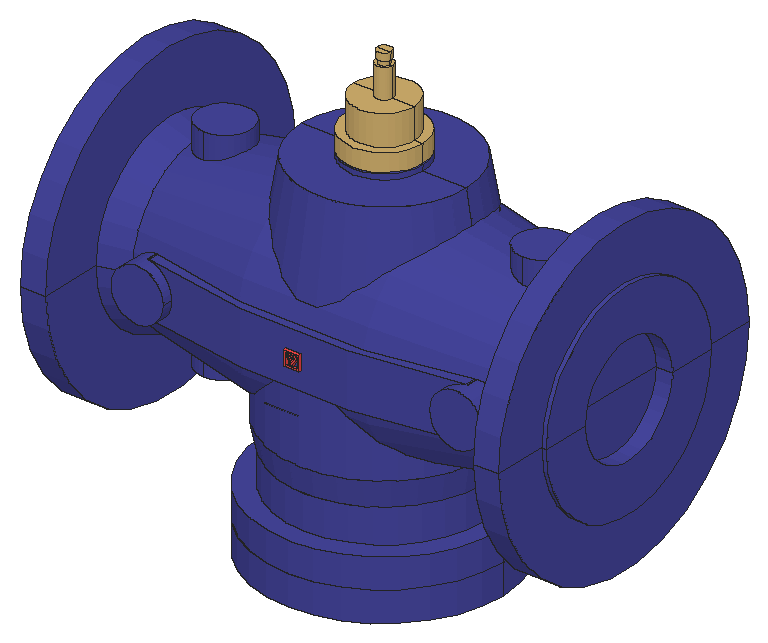
Revit family "Two port control valves 4035_PN25", category Rohrzubehör, Revit 2021
Family settings
  Bemaßung runder Anschluss = Durchmesser verwenden
  Teiletyp = Unterbricht
  OmniClass-Nummer = 23.65.55.14
  OmniClass-Titel = Valves for Liquid Services
  Arbeitsebenenbasiert = Nein
  Immer vertikal = Ja
  Beim Laden mit Abzugskörper schneiden = Nein
  Gemeinsam genutzt = Nein
Parameters (values of type "kvs63")
  kvs63 = yes
  kvs6.3 = no
  kvs40 = no
  kvs4 = no
  kvs330 = no
  kvs250 = no
  kvs25 = no
  kvs2.5 = no
  kvs160 = no
  kvs16 = no
  kvs100 = no
  kvs10 = no
  kvs1.6 = no
  kvs1 = no
  Weight [instance] = size_lookup("4035_PN25", "Gewicht", 25, Nennweite)  # 25
  Vorgabe-Ansicht = 0 mm
  Valve seat material = "WN1.4021"  # constant formula
  Valve cone material (up to DN50) = "WN1.4021"  # constant formula
  Valve cone material (from DN65 to DN150) = "EN-GJL-250/WN1.4021"  # constant formula
  Valve curve characteristic = "equal percentage"  # constant formula
  URL = "www.herzvalves.com"
  Stem material = "WN1.4404"  # constant formula
  SCTWSEQ = "FW;SBT_TYP_FW=\"101\";2"
  SCTWCODE = "04;05;02"  # constant formula
  SCRNSEQ = "ARM;ARM_TYP=\"DURR\";2"
  SCRNCODE = "05;06;02"  # constant formula
  R14 = 4 mm  # constant formula
  R13 = 3 mm  # constant formula
  R12 = 5 mm  # constant formula
  R11 [instance] = size_lookup("4035_PN25", "R11", 18 mm, Nennweite)  # 18 mm
  R10 [instance] = size_lookup("4035_PN25", "R10", 23 mm, Nennweite)  # 23 mm
  R09 [instance] = size_lookup("4035_PN25", "R9", 49 mm, Nennweite)  # 49 mm
  R08 [instance] = R00 + 3 mm  # 68 mm
  R07 [instance] = size_lookup("4035_PN25", "R7", 15.5 mm, Nennweite)  # 15.5 mm
  R06 [instance] = size_lookup("4035_PN25", "R6", 15.5 mm, Nennweite)  # 15.5 mm
  R05 [instance] = size_lookup("4035_PN25", "R5", 62.5 mm, Nennweite)  # 62.5 mm
  R04 [instance] = size_lookup("4035_PN25", "R4", 59.5 mm, Nennweite)  # 59.5 mm
  R03 [instance] = size_lookup("4035_PN25", "R3", 43 mm, Nennweite)  # 71 mm
  R02 [instance] = size_lookup("4035_PN25", "R2", 43 mm, Nennweite)  # 43 mm
  R01 [instance] = size_lookup("4035_PN25", "R1", 55.5 mm, Nennweite)  # 55.5 mm
  R00 [instance] = size_lookup("4035_PN25", "R", 65 mm, Nennweite)  # 65 mm
  Part number [instance] = if(and(kvs1, Nennweite = 15 mm), 403540, if(and(kvs1.6, Nennweite = 15 mm), 403551, if(and(kvs2.5, Nennweite = 15 mm), 403561, if(and(kvs4, Nennweite = 15 mm), 403571, if(and(kvs6.3, Nennweite = 25 mm), 403543, if(and(kvs10, Nennweite = 25 mm), 403553, if(and(kvs16, Nennweite = 32 mm), 403544, if(and(kvs25, Nennweite = 40 mm), 403545, if(and(kvs40, Nennweite = 50 mm), 403556, if(and(kvs63, Nennweite = 65 mm), 403547, if(and(kvs100, Nennweite = 80 mm), 403548, if(and(kvs160, Nennweite = 100 mm), 403549, if(and(kvs250, Nennweite = 125 mm), 403550, if(and(kvs330, Nennweite = 150 mm), 403542, 0))))))))))))))  # 403547
  PN = 25  # constant formula
  Nennweite [instance] = 65 mm
  min. Operating temperature = 5 °C  # constant formula
  max. Operating temperature = 150 °C  # constant formula
  max. Operating pressure = 2500000.0 Pa  # constant formula
  Medium = "water purity in accordance with the ÖNORM H 5195 and VDI 2035 standards"
  LO1 [instance] = size_lookup("4035_PN25", "LO1", 28.5 mm, Nennweite)  # 68 mm
  L07 [instance] = L06 - R06  # 94.5 mm
  L06 [instance] = size_lookup("4035_PN25", "L6", 110 mm, Nennweite)  # 110 mm
  L05 [instance] = D00  # 92.5 mm
  L03 = 10 mm  # constant formula
  L02 [instance] = size_lookup("4035_PN25", "L2", 15 mm, Nennweite)  # 15 mm
  L01 = 3 mm  # constant formula
  L00 [instance] = size_lookup("4035_PN25", "L", 145 mm, Nennweite)  # 145 mm
  Hersteller = "Herz-Armaturen GmbH"  # constant formula
  H18 [instance] = 17.5 mm  # constant formula
  H15 = 4 mm  # constant formula
  H14 [instance] = size_lookup("4035_PN25", "H14", 17 mm, Nennweite)  # 17 mm
  H13 [instance] = size_lookup("4035_PN25", "H13", 18 mm, Nennweite)  # 18 mm
  H12 [instance] = size_lookup("4035_PN25", "H12", 10.5 mm, Nennweite)  # 10.5 mm
  H11 [instance] = size_lookup("4035_PN25", "H11", 52.5 mm, Nennweite)  # 52.5 mm
  H10 [instance] = size_lookup("4035_PN25", "H10", 135.4 mm, Nennweite)  # 135.4 mm
  H09 = 3 mm  # constant formula
  H08 [instance] = size_lookup("4035_PN25", "H8", 79 mm, Nennweite)  # 79 mm
  H07 [instance] = R00  # 65 mm
  H06 [instance] = size_lookup("4035_PN25", "H6", 59 mm, Nennweite)  # 59 mm
  H05 [instance] = size_lookup("4035_PN25", "H5", 20 mm, Nennweite)  # 20 mm
  H04 [instance] = size_lookup("4035_PN25", "H4", 17 mm, Nennweite)  # 17 mm
  H02 [instance] = size_lookup("4035_PN25", "H2", 38 mm, Nennweite)  # 38 mm
  H03 [instance] = size_lookup("4035_PN25", "H3", 112 mm, Nennweite)  # 112 mm
  H01 [instance] = size_lookup("4035_PN25", "H1", 14 mm, Nennweite)  # 18 mm
  Valve body material = "EN-GJS-400-18-LT (EN 1563)"  # constant formula
  Sealing element material = "70EPDM"  # constant formula
  DN80 [instance] = Nennweite = 80 mm  # no
  DN65 [instance] = Nennweite = 65 mm  # yes
  DN50 [instance] = Nennweite = 50 mm  # no
  DN40 [instance] = Nennweite = 40 mm  # no
  DN32 [instance] = Nennweite = 32 mm  # no
  DN25 [instance] = Nennweite = 25 mm  # no
  DN150 [instance] = Nennweite = 150 mm  # no
  DN15 [instance] = Nennweite = 15 mm  # no
  DN125 [instance] = Nennweite = 125 mm  # no
  DN100 [instance] = Nennweite = 100 mm  # no
  D02 [instance] = Nennweite / 2  # 32.5 mm
  D01 [instance] = size_lookup("4035_PN25", "D1", 61 mm, Nennweite)  # 61 mm
  D00 [instance] = size_lookup("4035_PN25", "D", 92.5 mm, Nennweite)  # 92.5 mm
  Description = "the two port flanged valve is primarily designed to control the flow of circulation water in district heating and HVAC systems, as well as for remote closing of heating pipelines.\r\ncirculation medium should be cold, warm and hot water in temperature range from 5°C to 150°C.\r\nthe valve can be utilized in almost all heating, ventilation and air-conditioning systems and in industrial and technological processes.\r\nthe valve curve is equal percentage.\r\nregulation ratio (ratio between nominal and minimal flow coefficient) is 30:1.\r\nthe selection of the two port flanged valve is according to the diagram of kvs values.\r\n\r\nfor PN25, DN15-65 and DN125-150: valve is closed when the stem is out. valve is open when the stem is depressed.\r\nfor PN25, DN80-100: valve is open when the stem is out. valve is closed when the stem is depressed."
  Type of connection = "EN 1092-2"  # constant formula
Types (15, lengths in mm): name | kvs63 | kvs6.3 | kvs40 | kvs4 | kvs330 | kvs250 | kvs25 | kvs2.5 | kvs160 | kvs16 | kvs100 | kvs10 | kvs1.6 | kvs1 | Weight | R11 | R10 | R09 | R08 | R07 | R06 | R05 | R04 | R03 | R02 | R01 | R00 | Part number | Nennweite | LO1 | L07 | L06 | L05 | L02 | L00 | H14 | H13 | H12 | H11 | H10 | H08 | H07 | H06 | H05 | H04 | H02 | H03 | H01 | DN80 | DN65 | DN50 | DN40 | DN32 | DN25 | DN150 | DN15 | DN125 | DN100 | D02 | D01 | D00
  (no name) | yes | no | no | no | no | no | no | no | no | no | no | no | no | no | 25 | 18 | 23 | 49 | 68 | 15.5 | 15.5 | 62.5 | 59.5 | 71 | 43 | 55.5 | 65 | 403547 | 65 | 68 | 94.5 | 110 | 92.5 | 15 | 145 | 17 | 18 | 10.5 | 52.5 | 135.4 | 79 | 65 | 59 | 20 | 17 | 38 | 112 | 18 | no | yes | no | no | no | no | no | no | no | no | 32.5 | 61 | 92.5
  kvs1 | no | no | no | no | no | no | no | no | no | no | no | no | no | yes | 5 | 10 | 15 | 19.5 | 29.5 | 6 | 6 | 24 | 21 | 32.5 | 14 | 17 | 26.5 | 403540 | 15 | 27.5 | 34 | 40 | 47.5 | 11 | 65 | 13 | 14 | 6.8 | 40.8 | 80.3 | 36.5 | 26.5 | 24.5 | 5 | 13 | 11 | 49 | 14 | no | no | no | no | no | no | no | yes | no | no | 7.5 | 22.5 | 47.5
  kvs1.6 | no | no | no | no | no | no | no | no | no | no | no | no | yes | no | 5 | 10 | 15 | 19.5 | 29.5 | 6 | 6 | 24 | 21 | 32.5 | 14 | 17 | 26.5 | 403551 | 15 | 27.5 | 34 | 40 | 47.5 | 11 | 65 | 13 | 14 | 6.8 | 40.8 | 80.3 | 36.5 | 26.5 | 24.5 | 5 | 13 | 11 | 49 | 14 | no | no | no | no | no | no | no | yes | no | no | 7.5 | 22.5 | 47.5
  kvs2.5 | no | no | no | no | no | no | no | yes | no | no | no | no | no | no | 5 | 10 | 15 | 19.5 | 29.5 | 6 | 6 | 24 | 21 | 32.5 | 14 | 17 | 26.5 | 403561 | 15 | 27.5 | 34 | 40 | 47.5 | 11 | 65 | 13 | 14 | 6.8 | 40.8 | 80.3 | 36.5 | 26.5 | 24.5 | 5 | 13 | 11 | 49 | 14 | no | no | no | no | no | no | no | yes | no | no | 7.5 | 22.5 | 47.5
  kvs4 | no | no | no | yes | no | no | no | no | no | no | no | no | no | no | 5 | 10 | 15 | 19.5 | 29.5 | 6 | 6 | 24 | 21 | 32.5 | 14 | 17 | 26.5 | 403571 | 15 | 27.5 | 34 | 40 | 47.5 | 11 | 65 | 13 | 14 | 6.8 | 40.8 | 80.3 | 36.5 | 26.5 | 24.5 | 5 | 13 | 11 | 49 | 14 | no | no | no | no | no | no | no | yes | no | no | 7.5 | 22.5 | 47.5
  kvs6.3 | no | yes | no | no | no | no | no | no | no | no | no | no | no | no | 8 | 10 | 15 | 19.5 | 41 | 7 | 7 | 35.5 | 32.5 | 44 | 19.5 | 28.5 | 38 | 403543 | 25 | 40 | 45 | 52 | 57.5 | 13 | 80 | 13 | 14 | 6.8 | 40.8 | 88.3 | 44.5 | 38 | 35 | 5 | 15 | 3 | 64 | 16 | no | no | no | no | no | yes | no | no | no | no | 12.5 | 34 | 57.5
  kvs10 | no | no | no | no | no | no | no | no | no | no | no | yes | no | no | 8 | 10 | 15 | 19.5 | 41 | 7 | 7 | 35.5 | 32.5 | 44 | 19.5 | 28.5 | 38 | 403553 | 25 | 40 | 45 | 52 | 57.5 | 13 | 80 | 13 | 14 | 6.8 | 40.8 | 88.3 | 44.5 | 38 | 35 | 5 | 15 | 3 | 64 | 16 | no | no | no | no | no | yes | no | no | no | no | 12.5 | 34 | 57.5
  kvs16 | no | no | no | no | no | no | no | no | no | yes | no | no | no | no | 11.5 | 10 | 15 | 20.5 | 46 | 9 | 9 | 40.5 | 37.5 | 49 | 24.5 | 33.5 | 43 | 403544 | 32 | 45 | 51 | 60 | 70 | 13 | 90 | 17 | 18 | 10.5 | 52.5 | 102 | 46.5 | 43 | 39 | 15 | 15 | 4 | 84 | 16 | no | no | no | no | yes | no | no | no | no | no | 16 | 39 | 70
  kvs25 | no | no | no | no | no | no | yes | no | no | no | no | no | no | no | 13 | 10 | 15 | 20.5 | 51 | 12 | 12 | 45.5 | 42.5 | 54 | 29 | 38.5 | 48 | 403545 | 40 | 50 | 56 | 68 | 75 | 13 | 100 | 17 | 18 | 10.5 | 52.5 | 112 | 56.5 | 48 | 43 | 20 | 15 | 1 | 94 | 16 | no | no | no | yes | no | no | no | no | no | no | 20 | 44 | 75
  kvs63 | yes | no | no | no | no | no | no | no | no | no | no | no | no | no | 25 | 18 | 23 | 49 | 68 | 15.5 | 15.5 | 62.5 | 59.5 | 71 | 43 | 55.5 | 65 | 403547 | 65 | 68 | 94.5 | 110 | 92.5 | 15 | 145 | 17 | 18 | 10.5 | 52.5 | 135.4 | 79 | 65 | 59 | 20 | 17 | 38 | 112 | 18 | no | yes | no | no | no | no | no | no | no | no | 32.5 | 61 | 92.5
  kvs100 | no | no | no | no | no | no | no | no | no | no | yes | no | no | no | 31 | 18 | 23 | 49 | 76 | 15.5 | 15.5 | 70.5 | 67.5 | 79 | 51 | 63.5 | 73 | 403548 | 80 | 77 | 99.5 | 115 | 100 | 17 | 155 | 17 | 18 | 10.5 | 52.5 | 168.5 | 113 | 73 | 65 | 20 | 19 | 46 | 125 | 20 | yes | no | no | no | no | no | no | no | no | no | 40 | 69 | 100
  kvs160 | no | no | no | no | no | no | no | no | yes | no | no | no | no | no | 46 | 30 | 35 | 61 | 86 | 20.5 | 20.5 | 80.5 | 77.5 | 89 | 61 | 73.5 | 83 | 403549 | 100 | 88 | 112.5 | 133 | 110 | 17 | 175 | 21 | 22 | 14.2 | 64.2 | 189.7 | 122.5 | 83 | 73 | 25 | 19 | 65 | 135 | 20 | no | no | no | no | no | no | no | no | no | yes | 50 | 79 | 110
  kvs250 | no | no | no | no | no | yes | no | no | no | no | no | no | no | no | 72 | 30 | 35 | 61 | 101 | 20.5 | 20.5 | 95.5 | 92.5 | 104 | 76 | 88.5 | 98 | 403550 | 125 | 103 | 134.5 | 155 | 125 | 19 | 200 | 21 | 22 | 14.2 | 64.2 | 231 | 163.5 | 98 | 80 | 30 | 21 | 44 | 158 | 21 | no | no | no | no | no | no | no | no | yes | no | 62.5 | 94 | 125
  kvs330 | no | no | no | no | yes | no | no | no | no | no | no | no | no | no | 91 | 30 | 35 | 61 | 113 | 20.5 | 20.5 | 107.5 | 104.5 | 116 | 88 | 100.5 | 110 | 403542 | 150 | 115 | 174.5 | 195 | 142.5 | 19 | 240 | 21 | 22 | 14.2 | 64.2 | 237.5 | 170 | 110 | 85 | 25 | 21 | 42 | 153 | 21 | no | no | no | no | no | no | yes | no | no | no | 75 | 106 | 142.5
  kvs40 | no | no | yes | no | no | no | no | no | no | no | no | no | no | no | 16 | 18 | 23 | 49 | 56 | 13.5 | 13.5 | 52.5 | 49.5 | 61 | 34 | 45.5 | 53 | 403556 | 50 | 56 | 66.5 | 80 | 82.5 | 15 | 115 | 17 | 18 | 10.5 | 52.5 | 122 | 66.5 | 53 | 43 | 1 | 15 | 42 | 67 | 18 | no | no | yes | no | no | no | no | no | no | no | 25 | 51 | 82.5
Reference planes
  plane 1 "Mitte (Vorne/hinten)": y = 0
  plane 2: z = 0
  plane 3 "Mitte (Links/rechts)": x = 0
Forms (mm)
  Revolve 1, solid, material "kunststoff-BLAU", detail levels fine
    sketch origin (1065, 0, 0) x (1, 0, 0) y (0, 1, 0)
      loop
        line (-1207, 61) -> (-1210, 61) -> (-1210, 32.5) -> (-1200, 32.5) -> (-1200, 0) -> (-930, 0) -> (-930, 32.5) -> (-920, 32.5) -> (-920, 61) -> (-923, 61) -> (-923, 92.5) -> (-938, 92.5) -> (-938, 55.5) -> (-955, 49.943)
        arc (-955, 49.943) -> (-1065, 65) -> (-1175, 49.943) r 409.331
        line (-1175, 49.943) -> (-1192, 55.5) -> (-1192, 92.5) -> (-1207, 92.5) -> (-1207, 61)
      axis (-920, 0) -> (-1210, 0)
    angle from 0 to 360
  Extrusion 2, solid, material "kunststoff-BLAU", detail levels fine
    sketch origin (0, 0, 0) x (-1, 0, 0) y (0, 0, -1)
      loop
        circle (94.5, 0) r 15.5
      loop
        circle (-94.5, 0) r 15.5
    from -65 to 65
  Extrusion 3, solid, material "kunststoff-BLAU", visible <- "DN65", detail levels fine
    sketch origin (0, 0, 0) x (1, 0, 0) y (0, 1, 0)
      loop
        arc (-95, -56.907) -> (0, -68) -> (95, -56.907) r 412.331
        line (95, -56.907) -> (95, 56.907)
        arc (95, 56.907) -> (0, 68) -> (-95, 56.907) r 412.331
        line (-95, 56.907) -> (-95, -56.907)
    from -15.5 to 15.5
  Revolve 4, solid, material "kunststoff-BLAU", detail levels fine
    sketch origin (0, 0, 0) x (1, 0, 0) y (0, 0, 1)
      loop
        line (-49, 79) -> (-62.5, 0) -> (0, 0) -> (0, 82) -> (-23, 82) -> (-23, 79) -> (-49, 79)
      axis (0, 82) -> (0, 0)
    angle from 0 to 360
  Revolve 5, solid, material "kunststoff-BLAU", detail levels fine
    sketch origin (0, 0, 0) x (1, 0, 0) y (0, 0, 1)
      loop
        line (0, 0) -> (-62.5, 0) -> (-62.5, -59) -> (-59.5, -74.5) -> (-59.5, -94.5) -> (-71, -94.5) -> (-71, -112) -> (0, -112) -> (0, 0)
      axis (0, 0) -> (0, -112)
    angle from 0 to 360
  Revolve 6, solid, material "kunststoff-BLAU", detail levels fine
    sketch origin (0, 0, 0) x (1, 0, 0) y (0, 0, 1)
      loop
        line (0, -112) -> (-71, -112) -> (-71, -130) -> (0, -130) -> (0, -112)
      axis (0, -112) -> (0, -130)
    angle from 0 to 360
  Extrusion 7, solid, material "kunststoff-BLAU", detail levels fine
    sketch origin (0, 0, 0) x (0, -1, 0) y (1, 0, 0)
      loop
        circle (0, -94.5) r 15.5
      loop
        circle (0, 94.5) r 15.5
    from -65 to 65
  Extrusion 8, solid, material "kunststoff-BLAU", visible <- "DN150", detail levels fine
    sketch origin (0, 0, 0) x (1, 0, 0) y (0, 1, 0)
      loop
        arc (-179.5, -78.475) -> (0, -115) -> (179.5, -78.475) r 459.331
        line (179.5, -78.475) -> (179.5, 78.475)
        arc (179.5, 78.475) -> (0, 115) -> (-179.5, 78.475) r 459.331
        line (-179.5, 78.475) -> (-179.5, -78.475)
    from -20.5 to 20.5
  Extrusion 9, solid, material "kunststoff-BLAU", visible <- "DN125", detail levels fine
    sketch origin (0, 0, 0) x (1, 0, 0) y (0, 1, 0)
      loop
        arc (-134.5, -82.301) -> (0, -103) -> (134.5, -82.301) r 447.331
        line (134.5, -82.301) -> (134.5, 82.301)
        arc (134.5, 82.301) -> (0, 103) -> (-134.5, 82.301) r 447.331
        line (-134.5, 82.301) -> (-134.5, -82.301)
    from -20.5 to 20.5
  Extrusion 10, solid, material "kunststoff-BLAU", visible <- "DN100", detail levels fine
    sketch origin (0, 0, 0) x (1, 0, 0) y (0, 1, 0)
      loop
        arc (-112.5, -73.106) -> (0, -88) -> (112.5, -73.106) r 432.331
        line (112.5, -73.106) -> (112.5, 73.106)
        arc (112.5, 73.106) -> (0, 88) -> (-112.5, 73.106) r 432.331
        line (-112.5, 73.106) -> (-112.5, -73.106)
    from -20.5 to 20.5
  Extrusion 11, solid, material "kunststoff-BLAU", visible <- "DN80", detail levels fine
    sketch origin (0, 0, 0) x (1, 0, 0) y (0, 1, 0)
      loop
        line (99.5, -65.083) -> (99.5, 65.083)
        arc (99.5, 65.083) -> (0, 77) -> (-99.5, 65.083) r 421.331
        line (-99.5, 65.083) -> (-99.5, -65.083)
        arc (-99.5, -65.083) -> (0, -77) -> (99.5, -65.083) r 421.331
    from -15.5 to 15.5
  Extrusion 12, solid, material "kunststoff-BLAU", visible <- "DN50", detail levels fine
    sketch origin (0, 0, 0) x (1, 0, 0) y (0, 1, 0)
      loop
        arc (-66.5, -50.44) -> (0, -56.006) -> (66.5, -50.44) r 400.05
        line (66.5, -50.44) -> (66.5, 50.44)
        arc (66.5, 50.44) -> (0, 56.006) -> (-66.5, 50.44) r 400.05
        line (-66.5, 50.44) -> (-66.5, -50.44)
    from -13.5 to 13.5
  Extrusion 13, solid, material "kunststoff-BLAU", visible <- "DN40", detail levels fine
    sketch origin (0, 0, 0) x (1, 0, 0) y (0, 1, 0)
      loop
        arc (-56, -46.003) -> (0, -50) -> (56, -46.003) r 394.331
        line (56, -46.003) -> (56, 46.003)
        arc (56, 46.003) -> (0, 50) -> (-56, 46.003) r 394.331
        line (-56, 46.003) -> (-56, -46.003)
    from -12 to 12
  Extrusion 14, solid, material "kunststoff-BLAU", visible <- "DN32", detail levels fine
    sketch origin (0, 0, 0) x (1, 0, 0) y (0, 1, 0)
      loop
        arc (-51, -41.645) -> (0, -45) -> (51, -41.645) r 389.331
        line (51, -41.645) -> (51, 41.645)
        arc (51, 41.645) -> (0, 45) -> (-51, 41.645) r 389.331
        line (-51, 41.645) -> (-51, -41.645)
    from -9 to 9
  Extrusion 15, solid, material "kunststoff-BLAU", visible <- "DN25", detail levels fine
    sketch origin (0, 0, 0) x (1, 0, 0) y (0, 1, 0)
      loop
        line (45, -37.356) -> (45, 37.356)
        arc (45, 37.356) -> (0, 40) -> (-45, 37.356) r 384.331
        line (-45, 37.356) -> (-45, -37.356)
        arc (-45, -37.356) -> (0, -40) -> (45, -37.356) r 384.331
    from -7 to 7
  Extrusion 16, solid, material "kunststoff-BLAU", visible <- "DN15", detail levels fine
    sketch origin (0, 0, 0) x (1, 0, 0) y (0, 1, 0)
      loop
        line (-34, 25.942) -> (-34, -25.942)
        arc (-34, -25.942) -> (0, -27.5) -> (34, -25.942) r 371.831
        line (34, -25.942) -> (34, 25.942)
        arc (34, 25.942) -> (0, 27.5) -> (-34, 25.942) r 371.831
    from -6 to 6
  Revolve 17, solid, material "Messing-poliert", detail levels fine
    sketch origin (0, 0, 0) x (1, 0, 0) y (0, 0, 1)
      loop
        line (-23, 93.4) -> (-23, 82.9) -> (0, 82.9) -> (0, 135.4) -> (-4, 135.4) -> (-4, 131.4) -> (-3, 131.4) -> (-3, 128.4) -> (-5, 128.4) -> (-5, 111.4) -> (-18, 111.4) -> (-18, 93.4) -> (-23, 93.4)
      axis (0, 135.4) -> (0, 82.9)
    angle from 0 to 360
Lines and regions (mm)
  model lines, detail levels coarse+medium
    curve 1: line (145, 92.5, 0) -> (145, -92.5, 0)
    curve 2: line (145, -92.5, 0) -> (-145, 92.5, 0)
    curve 3: line (-145, 92.5, 0) -> (-145, -92.5, 0)
    curve 4: line (-145, -92.5, 0) -> (145, 92.5, 0)
    curve 5: line (145, 0, 92.5) -> (145, 0, -92.5)
    curve 6: line (145, 0, -92.5) -> (-145, 0, 92.5)
    curve 7: line (-145, 0, 92.5) -> (-145, 0, -92.5)
    curve 8: line (-145, 0, -92.5) -> (145, 0, 92.5)
Dimensions and locks
  "L00": Revolve 1 sketch curve to plane 3 "Mitte (Links/rechts)" to Revolve 1 sketch curve
  "D00": plane 1 "Mitte (Vorne/hinten)" to Revolve 1 sketch curve  (x2)
  "D02": plane 1 "Mitte (Vorne/hinten)" to Revolve 1 sketch curve  (x2)
  "L01": Revolve 1 sketch curve to Revolve 1 sketch curve  (x2)
  "L02": Revolve 1 sketch curve to Revolve 1 sketch curve  (x2)
  "D01": plane 1 "Mitte (Vorne/hinten)" to Revolve 1 sketch curve  (x2)
  "R01": plane 1 "Mitte (Vorne/hinten)" to Revolve 1 sketch curve  (x2)
  "R00": Revolve 1 sketch curve to Revolve 1 sketch curve
  "L03": Revolve 1 sketch curve to Revolve 1 sketch curve  (x2)
  "H01": Revolve 6 sketch curve to Revolve 6 sketch curve
  "R03": plane 3 "Mitte (Links/rechts)" to Revolve 6 sketch curve
  "R03": Revolve 5 sketch curve to Revolve 5 sketch curve
  "H03": plane 2 to Revolve 5 sketch curve
  "H06": Revolve 5 sketch curve to Revolve 5 sketch curve
  "R04": Revolve 5 sketch curve to Revolve 5 sketch curve
  "R05": Revolve 5 sketch curve to Revolve 5 sketch curve
  "H05": Revolve 5 sketch curve to Revolve 5 sketch curve
  "L06": Revolve 1 sketch curve to plane 3 "Mitte (Links/rechts)" to Revolve 1 sketch curve
  "H03": plane 2 to Revolve 6 sketch curve
  "R09": Revolve 4 sketch curve to Revolve 4 sketch curve
  "R05": Revolve 4 sketch curve to Revolve 4 sketch curve
  "H07": Extrusion 7 to plane 2 to Extrusion 7  (x2)
  "L07": plane 3 "Mitte (Links/rechts)" to Extrusion 7 sketch curve
  "L07": Extrusion 7 sketch curve to plane 3 "Mitte (Links/rechts)"
  "H07": Extrusion 2 to plane 1 "Mitte (Vorne/hinten)"  (x3)
  "L07": plane 3 "Mitte (Links/rechts)" to Extrusion 2 sketch curve
  "L07": Extrusion 2 sketch curve to plane 3 "Mitte (Links/rechts)"
  "H07": plane 1 "Mitte (Vorne/hinten)" to Extrusion 2
  "H08": Revolve 4 sketch curve to plane 2
  "H09": Revolve 4 sketch curve to Revolve 4 sketch curve
  "R10": plane 3 "Mitte (Links/rechts)" to Revolve 4 sketch curve
  "H11": Revolve 17 sketch curve to Revolve 17 sketch curve
  "H10": Revolve 17 sketch curve to plane 2
  "R10": plane 3 "Mitte (Links/rechts)" to Revolve 17 sketch curve
  "H12": Revolve 17 sketch curve to Revolve 17 sketch curve
  "H13": Revolve 17 sketch curve to Revolve 17 sketch curve
  "H14": Revolve 17 sketch curve to Revolve 17 sketch curve
  "H15": Revolve 17 sketch curve to Revolve 17 sketch curve
  "R14": plane 3 "Mitte (Links/rechts)" to Revolve 17 sketch curve
  "R13": plane 3 "Mitte (Links/rechts)" to Revolve 17 sketch curve
  "R11": plane 3 "Mitte (Links/rechts)" to Revolve 17 sketch curve
  "R12": plane 3 "Mitte (Links/rechts)" to Revolve 17 sketch curve
  "LO1": nested 1 to plane 1 "Mitte (Vorne/hinten)"
  "H18": Revolve 5 sketch curve to Revolve 6
  "L00": curve 3 to plane 3 "Mitte (Links/rechts)" to curve 1
  "D00": curve 4 to plane 1 "Mitte (Vorne/hinten)" to curve 3
  "D00": curve 2 to plane 1 "Mitte (Vorne/hinten)" to curve 4
  "L00": curve 7 to plane 3 "Mitte (Links/rechts)" to curve 5
  "D00": curve 8 to plane 2 to curve 6
  "D00": curve 7 to plane 2 to curve 8
  "R06": radius of Extrusion 7 sketch curve  (x2)
  "R07": radius of Extrusion 2 sketch curve  (x2)
  aligned and locked: level to plane 2
Automatic sketch dimensions
  Extrusion 3 sketch curve to plane 1 "Mitte (Vorne/hinten)" = 56.907 mm  (x2)
  Extrusion 3 sketch curve to plane 3 "Mitte (Links/rechts)" = 0 mm  (x2)
  Extrusion 3 sketch curve to Extrusion 3 sketch curve = 113.814 mm
  Extrusion 3 sketch curve to Extrusion 3 sketch curve = 287.425 mm
  Extrusion 3 sketch curve to plane 1 "Mitte (Vorne/hinten)" = 344.331 mm
  plane 3 "Mitte (Links/rechts)" to Extrusion 3 sketch curve = 95 mm
  Extrusion 8 sketch curve to plane 3 "Mitte (Links/rechts)" = 0 mm  (x2)
  Extrusion 8 sketch curve to plane 1 "Mitte (Vorne/hinten)" = 78.475 mm  (x2)
  plane 1 "Mitte (Vorne/hinten)" to Extrusion 8 sketch curve = 78.475 mm
  Extrusion 8 sketch curve to plane 3 "Mitte (Links/rechts)" = 179.5 mm
  Extrusion 8 sketch curve to Extrusion 8 sketch curve = 265.857 mm
  Extrusion 8 sketch curve to plane 1 "Mitte (Vorne/hinten)" = 344.331 mm
  plane 3 "Mitte (Links/rechts)" to Extrusion 9 sketch curve = 134.5 mm
  plane 1 "Mitte (Vorne/hinten)" to Extrusion 9 sketch curve = 82.301 mm  (x2)
  Extrusion 9 sketch curve to plane 3 "Mitte (Links/rechts)" = 0 mm  (x2)
  Extrusion 9 sketch curve to Extrusion 9 sketch curve = 262.031 mm  (x2)
  Extrusion 9 sketch curve to plane 1 "Mitte (Vorne/hinten)" = 82.301 mm
  Extrusion 10 sketch curve to plane 3 "Mitte (Links/rechts)" = 0 mm  (x2)
  plane 1 "Mitte (Vorne/hinten)" to Extrusion 10 sketch curve = 73.106 mm
  Extrusion 10 sketch curve to plane 3 "Mitte (Links/rechts)" = 112.5 mm
  Extrusion 10 sketch curve to Extrusion 10 sketch curve = 271.225 mm
  Extrusion 10 sketch curve to plane 1 "Mitte (Vorne/hinten)" = 344.331 mm
  Extrusion 10 sketch curve to plane 1 "Mitte (Vorne/hinten)" = 73.106 mm  (x2)
  Extrusion 11 sketch curve to plane 3 "Mitte (Links/rechts)" = 0 mm  (x2)
  plane 1 "Mitte (Vorne/hinten)" to Extrusion 11 sketch curve = 65.083 mm  (x2)
  Extrusion 11 sketch curve to plane 3 "Mitte (Links/rechts)" = 99.5 mm
  Extrusion 11 sketch curve to Extrusion 11 sketch curve = 279.249 mm
  Extrusion 11 sketch curve to plane 1 "Mitte (Vorne/hinten)" = 344.331 mm
  Extrusion 11 sketch curve to plane 1 "Mitte (Vorne/hinten)" = 65.083 mm
  Extrusion 12 sketch curve to plane 3 "Mitte (Links/rechts)" = 0 mm  (x2)
  Extrusion 12 sketch curve to plane 3 "Mitte (Links/rechts)" = 66.5 mm
  plane 3 "Mitte (Links/rechts)" to Extrusion 12 sketch curve = 66.5 mm
  plane 1 "Mitte (Vorne/hinten)" to Extrusion 12 sketch curve = 344.044 mm
  plane 1 "Mitte (Vorne/hinten)" to Extrusion 12 sketch curve = 50.44 mm
  Extrusion 12 sketch curve to plane 1 "Mitte (Vorne/hinten)" = 50.44 mm
  Extrusion 12 sketch curve to Extrusion 12 sketch curve = 293.604 mm
  Extrusion 13 sketch curve to plane 3 "Mitte (Links/rechts)" = 0 mm  (x2)
  Extrusion 13 sketch curve to plane 3 "Mitte (Links/rechts)" = 56 mm
  plane 3 "Mitte (Links/rechts)" to Extrusion 13 sketch curve = 56 mm
  plane 1 "Mitte (Vorne/hinten)" to Extrusion 13 sketch curve = 344.331 mm
  plane 1 "Mitte (Vorne/hinten)" to Extrusion 13 sketch curve = 46.003 mm
  Extrusion 13 sketch curve to plane 1 "Mitte (Vorne/hinten)" = 46.003 mm
  Extrusion 13 sketch curve to Extrusion 13 sketch curve = 298.328 mm
  Extrusion 14 sketch curve to plane 3 "Mitte (Links/rechts)" = 0 mm  (x2)
  Extrusion 14 sketch curve to plane 3 "Mitte (Links/rechts)" = 51 mm
  plane 3 "Mitte (Links/rechts)" to Extrusion 14 sketch curve = 51 mm
  plane 1 "Mitte (Vorne/hinten)" to Extrusion 14 sketch curve = 344.331 mm
  plane 1 "Mitte (Vorne/hinten)" to Extrusion 14 sketch curve = 41.645 mm
  Extrusion 14 sketch curve to plane 1 "Mitte (Vorne/hinten)" = 41.645 mm
  Extrusion 14 sketch curve to Extrusion 14 sketch curve = 302.686 mm
  Extrusion 15 sketch curve to plane 3 "Mitte (Links/rechts)" = 0 mm  (x2)
  Extrusion 15 sketch curve to plane 3 "Mitte (Links/rechts)" = 45 mm
  plane 3 "Mitte (Links/rechts)" to Extrusion 15 sketch curve = 45 mm
  plane 1 "Mitte (Vorne/hinten)" to Extrusion 15 sketch curve = 344.331 mm
  plane 1 "Mitte (Vorne/hinten)" to Extrusion 15 sketch curve = 37.356 mm
  Extrusion 15 sketch curve to plane 1 "Mitte (Vorne/hinten)" = 37.356 mm
  Extrusion 15 sketch curve to Extrusion 15 sketch curve = 306.975 mm
  Extrusion 16 sketch curve to plane 3 "Mitte (Links/rechts)" = 0 mm  (x2)
  Extrusion 16 sketch curve to plane 3 "Mitte (Links/rechts)" = 34 mm
  plane 3 "Mitte (Links/rechts)" to Extrusion 16 sketch curve = 34 mm
  plane 1 "Mitte (Vorne/hinten)" to Extrusion 16 sketch curve = 344.331 mm
  plane 1 "Mitte (Vorne/hinten)" to Extrusion 16 sketch curve = 25.942 mm
  Extrusion 16 sketch curve to plane 1 "Mitte (Vorne/hinten)" = 25.942 mm
  Extrusion 16 sketch curve to Extrusion 16 sketch curve = 318.389 mm
  Revolve 1 sketch curve to plane 1 "Mitte (Vorne/hinten)" = 0 mm
  Revolve 1 sketch curve to plane 3 "Mitte (Links/rechts)" = 0 mm
  plane 1 "Mitte (Vorne/hinten)" to Revolve 1 sketch curve = 0 mm
  plane 1 "Mitte (Vorne/hinten)" to Revolve 1 sketch curve = 344.331 mm
  Revolve 1 sketch curve to Revolve 1 sketch curve = 1855 mm  (x2)
  Extrusion 2 sketch curve to level = 0 mm  (x2)
  Revolve 4 sketch curve to level = 0 mm
  Revolve 4 sketch curve to plane 3 "Mitte (Links/rechts)" = 0 mm  (x2)
  Revolve 4 sketch curve to Revolve 4 sketch curve = 366.045 mm
  Revolve 4 sketch curve to Revolve 4 sketch curve = 2132.315 mm
  Revolve 5 sketch curve to level = 0 mm
  Revolve 5 sketch curve to plane 3 "Mitte (Links/rechts)" = 0 mm  (x2)
  Revolve 5 sketch curve to Revolve 5 sketch curve = 254.045 mm
  level to Revolve 5 sketch curve = 2214.315 mm
  Revolve 6 sketch curve to plane 3 "Mitte (Links/rechts)" = 0 mm  (x2)
  Revolve 6 sketch curve to Revolve 6 sketch curve = 0 mm
  level to Revolve 6 sketch curve = 2214.315 mm
  plane 1 "Mitte (Vorne/hinten)" to Extrusion 7 sketch curve = 0 mm  (x2)
  Revolve 17 sketch curve to plane 3 "Mitte (Links/rechts)" = 0 mm  (x2)
  Revolve 17 sketch curve to level = 366.045 mm
  Revolve 17 sketch curve to Revolve 17 sketch curve = 2079.815 mm
Nested families
  nested 1: "Herz-Logo-vorne" at (-0.018, -68, 0) x (0, 1, 0) z (0, 0, 1), type "Herz-Logo-vorne", detail levels fine
Connectors
  piping at (-145, 0, 0), diameter 65, driven by "Nennweite"
    settings: on Revolve 1, index 1, connector inside diameter 609.6 mm, connector length 0 mm, flow factor 0, pipe flow 0.0 L/s, pressure drop 0.0 Pa, fitting loss kfactor 0, connector angle 0.00°, fixture units 0, engagement length 0 mm, angle of deflection 0.00°, flow configuration 0, flow direction 1, fitting loss method 0, system type 29, joint type 0, gender type 0, connector reference index -1, connector utility 0, adjustable connector no, is connector primary yes, connector description ""
  piping at (145, 0, 0), diameter 65, driven by "Nennweite"
    settings: on Revolve 1, index 2, connector inside diameter 609.6 mm, connector length 0 mm, flow factor 0, pipe flow 0.0 L/s, pressure drop 0.0 Pa, fitting loss kfactor 0, connector angle 0.00°, fixture units 0, engagement length 0 mm, angle of deflection 0.00°, flow configuration 0, flow direction 2, fitting loss method 0, system type 29, joint type 0, gender type 0, connector reference index -1, connector utility 0, adjustable connector no, is connector primary no, connector description ""
Definition of nested family "Herz-Logo-vorne"
  Parameters (values of type "Herz-Logo-vorne")
    Default Elevation = 0 mm
  Reference planes
    plane 1 "Mitte (Vorne/hinten)": y = 0
    plane 2: z = 0
    plane 3 "Mitte (Links/rechts)": x = 0
  Forms (mm)
    Extrusion 1, solid
      sketch origin (0.732, -0.018, 0.017) x (0, -1, 0) y (0, 0, 1)
        loop
          line (-0.018, -4.517) -> (4.482, -4.517) -> (4.482, 4.483) -> (-4.518, 4.483) -> (-4.518, -4.517) -> (-0.018, -4.517)
        loop
          line (-0.05, -3.48) -> (3.482, -3.48) -> (3.482, 3.483) -> (-3.518, 3.483) -> (-3.518, -3.48) -> (-0.05, -3.48)
        loop
          arc (-0.018, 2.383) -> (-1.543, 3.287) -> (-3.067, 2.383) r 1.738
          arc (-3.067, 2.383) -> (-3.191, 1.899) -> (-3.067, 1.415) r 1.009
          line (-3.067, 1.415) -> (-0.018, -3.281) -> (3.032, 1.415)
          arc (3.032, 1.415) -> (3.156, 1.899) -> (3.032, 2.383) r 1.009
          arc (3.032, 2.383) -> (1.507, 3.287) -> (-0.018, 2.383) r 1.738
        loop
          arc (1.885, 1.272) -> (2.005, 1.675) -> (1.885, 2.079) r 0.74
          arc (1.885, 2.079) -> (1.265, 2.416) -> (0.644, 2.079) r 0.74
          line (0.644, 2.079) -> (-0.018, 0.97) -> (-0.679, 2.079)
          arc (-0.679, 2.079) -> (-1.3, 2.416) -> (-1.921, 2.079) r 0.74
          arc (-1.921, 2.079) -> (-2.04, 1.675) -> (-1.921, 1.272) r 0.74
          line (-1.921, 1.272) -> (-0.018, -1.658) -> (1.885, 1.272)
      from 0 to 1.5
  Dimensions and locks
    aligned and locked: level to plane 2
